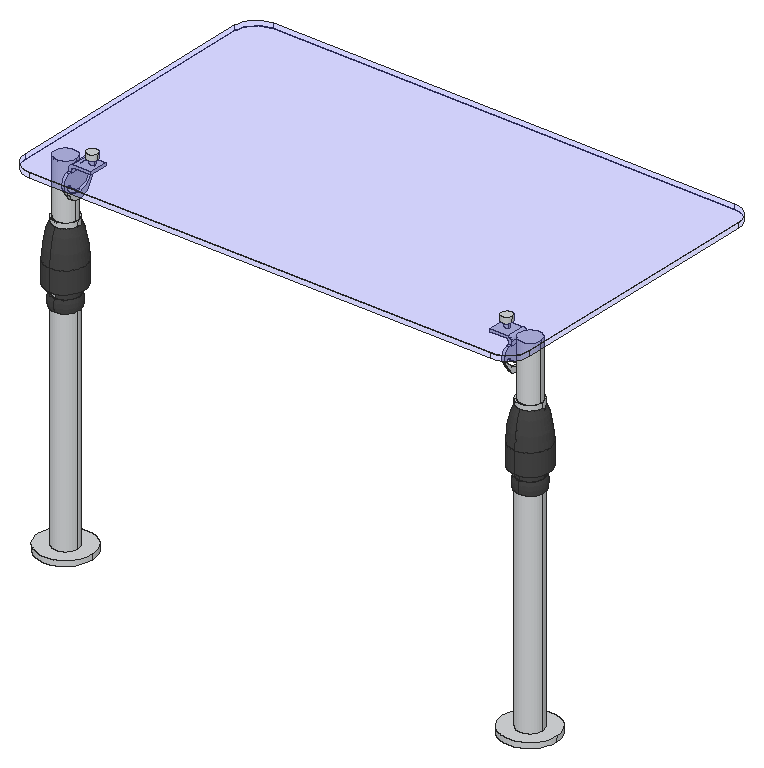
Revit family "QF_Vollrath_MB24", category Specialty Equipment, Revit 2018
Family settings
  Round Connector Dimension = Use Diameter
  Part Type = Normal
  Work Plane-Based = No
  Always vertical = Yes
  Cut with Voids When Loaded = Yes
  Shared = No
  Room Calculation Point = No
Parameters (values of type "MB24MOUNT")
  Weight in Pounds = 0
  Undercounter Visibility [instance] = no
  TM Utilties = "0"
  Serial Number [instance] = ""
  Mounted = yes
  Model = "MB24MOUNT"
  Manufacturer = "Vollrath"
  Legs = no
  Keynote = ""
  Item Number [instance] = ""
  Installed By = "KEC"
  Include In Foodservice Schedule = yes
  Height Constraint = if(Height < 16 1/2", 16 1/2", (if(Height > 25 1/2", 25 1/2", Height)))  # 16 1/2"
  Height = 16 1/2"
  Furnished By = "KEC"
  Flat Glass = yes
  Description = "Mobile Breath Guard"
  Curved Glass = no
  Cost = 0
  CSI MasterFormat = ""
  Above Counter Visibity [instance] = no
Types (4): name | Mounted | Model | Legs | Flat Glass | Curved Glass
  (no name) | yes | "MB24MOUNT" | no | yes | no
  MB24 | no | "MB24" | yes | no | yes
  MB24FLAT | no | "MB24FLAT" | yes | yes | no
  MB24MOUNT | yes | "MB24MOUNT" | no | yes | no
Reference planes (in)
  plane 1 "Unit_Center (F/B)": y = 0
  plane 2: z = 0
  plane 3 "Unit_Center (L/R)": x = 0
  plane 4 "Right": x = 11.75
  plane 5 "Left": x = -11.75
  plane 6 "Base Rear": y = 9
  plane 7 "Base Front": y = -5
  plane 8 "Left Leg": x = -9.92
  plane 9 "Right Leg": x = 9.92
  plane 10 "Front Leg": y = -3.17
  plane 11 "Top of Legs": z = 0.24
  plane 12 "Top of Base Pole": z = 13.94
  plane 13 "Base of Inside Pole": z = 2.5
  plane 14 "Height": z = 16.74
  plane 15 "Bottom of Glass": z = 16.49
  plane 16 "Front of Glass": y = -2.17
  plane 17 "Rear of Glass": y = 12.03
  plane 18 "Top of Screw": z = 16.96973
Forms (in)
  Extrusion 1, solid, material "QF_Finishes-Black", visible <- "Legs"
    sketch origin (0, 0, 0) x (1, 0, 0) y (0, 1, 0)
      loop
        line (-11.75, -5) -> (11.75, -5) -> (11.75, 9) -> (9.92, 9) -> (9.92, -3.17) -> (-9.92, -3.17) -> (-9.92, 9) -> (-11.75, 9) -> (-11.75, -5)
    from 0 to 0.24
  Extrusion 2, solid, material "QF_Finishes-Aluminum"
    sketch origin (0.05429, 0, 0) x (1, 0, 0) y (0, 1, 0)
      loop
        circle (-10.88929, 0) r 0.5
    from 2.5 to 16.49
  Revolve 3, solid, material "QF_Finishes-Black"
    sketch origin (-10.835, 0, 0) x (0, 1, 0) y (0, 0, 1)
      loop
        line (0, 13.94) -> (0, 10.20487) -> (0.64071, 10.20487)
        arc (0.64071, 10.20487) -> (0.67488, 10.48612) -> (0.64071, 10.76737) r 1.17447
        line (0.64071, 10.76737) -> (0.5753, 10.76737) -> (0.5753, 11.14237) -> (0.89071, 11.14237) -> (0.89071, 12.14237)
        arc (0.89071, 12.14237) -> (0.7919, 13.06217) -> (0.5, 13.94) r 4.33075
        line (0.5, 13.94) -> (0, 13.94)
      axis (0, 13.94) -> (0, 10.20487)
    angle from 0 to 360
  Extrusion 4, solid, material "QF_Finishes-Aluminum"
    sketch origin (0, 0, 0) x (1, 0, 0) y (0, 1, 0)
      loop
        circle (-10.835, 0) r 0.5753
    from 0.24 to 13.94
  Extrusion 5, solid, material "QF_Finishes-Aluminum"
    sketch origin (0, 0, 0) x (-1, 0, 0) y (0, -1, 0)
      loop
        circle (-10.835, 0) r 0.5753
    from 0.24 to 13.94
  Extrusion 6, solid, material "QF_Finishes-Aluminum", visible <- "Mounted"
    sketch origin (0, 0, 0) x (1, 0, 0) y (0, 1, 0)
      loop
        circle (-10.835, 0) r 1.25
    from 0 to 0.24
  Extrusion 7, solid, material "QF_Finishes-Aluminum", visible <- "Mounted"
    sketch origin (0, 0, 0) x (-1, 0, 0) y (0, -1, 0)
      loop
        circle (-10.835, 0) r 1.25
    from 0 to 0.24
  Revolve 8, solid, material "QF_Finishes-Black"
    sketch origin (10.835, 0, 0) x (0, 1, 0) y (0, 0, -1)
      loop
        line (0, -13.94) -> (0.5, -13.94)
        arc (0.5, -13.94) -> (0.7919, -13.06217) -> (0.89071, -12.14237) r 4.33075
        line (0.89071, -12.14237) -> (0.89071, -11.14237) -> (0.5753, -11.14237) -> (0.5753, -10.76737) -> (0.64071, -10.76737)
        arc (0.64071, -10.76737) -> (0.67488, -10.48612) -> (0.64071, -10.20487) r 1.17447
        line (0.64071, -10.20487) -> (0, -10.20487) -> (0, -13.94)
      axis (0, -13.94) -> (0, -10.20487)
    angle from 0 to 360
  Extrusion 9, solid, material "QF_Finishes-Aluminum"
    sketch origin (-0.05429, 0, 0) x (-1, 0, 0) y (0, -1, 0)
      loop
        circle (-10.88929, 0) r 0.5
    from 2.5 to 16.49
  Extrusion 10, solid
    sketch origin (0, 0, 0) x (0, 1, 0) y (0, 0, 1)
      loop
        line (0.44044, 15.02645) -> (0.76948, 15.49635)
        arc (0.76948, 15.49635) -> (0.8288, 15.87428) -> (0.56454, 16.15089) r 0.4316
        arc (0.56454, 16.15089) -> (0, 16.25043) -> (-0.56454, 16.15089) r 1.6506
        arc (-0.56454, 16.15089) -> (-0.8288, 15.87428) -> (-0.76948, 15.49635) r 0.4316
        line (-0.76948, 15.49635) -> (-0.44083, 15.027)
        arc (-0.44083, 15.027) -> (-0.00028, 14.89318) -> (0.44044, 15.02645) r 0.79376
      loop
        arc (0.53439, 15.68978) -> (0.00563, 15.33736) -> (-0.52882, 15.68107) r 0.58002
        arc (-0.52882, 15.68107) -> (-0.67596, 15.70858) -> (-0.71292, 15.56353) r 0.10944
        arc (-0.71292, 15.56353) -> (0.00088, 15.14183) -> (0.71468, 15.56353) r 0.81497
        arc (0.71468, 15.56353) -> (0.68122, 15.70761) -> (0.53439, 15.68978) r 0.11069
    from -10.33404 to -10.20554
  Extrusion 11, solid
    sketch origin (0, 0, 0) x (1, 0, 0) y (0, 0, 1)
      loop
        line (-10.33404, 16.13627) -> (-10.20554, 16.13627) -> (-10.20554, 16.29389)
        arc (-10.20554, 16.29389) -> (-10.16528, 16.35704) -> (-10.09454, 16.38161) r 0.11408
        line (-10.09454, 16.38161) -> (-9.31931, 16.38161) -> (-9.31931, 16.49) -> (-10.14333, 16.49)
        arc (-10.14333, 16.49) -> (-10.27818, 16.43414) -> (-10.33404, 16.2993) r 0.1907
        line (-10.33404, 16.2993) -> (-10.33404, 16.13627)
    from -0.44044 to 0.44083
  Extrusion 12, solid
    sketch origin (-0.46094, 0.09375, 0) x (1, 0, 0) y (0, 1, 0)
      loop
        circle (-9.20821, 0.00874) r 0.25
    from 16.74 to 16.96973
  Extrusion 13, solid
    sketch origin (0, 0, 0) x (1, 0, 0) y (0, 1, 0)
      loop
        circle (-9.66915, 0.10249) r 0.11308
    from 16.38161 to 16.74
  Extrusion 14, solid, not visible
    sketch origin (0, 0, 0) x (0, 1, 0) y (0, 0, 1)
      loop
        line (0.44044, 15.02645) -> (0.76948, 15.49635)
        arc (0.76948, 15.49635) -> (0.8288, 15.87428) -> (0.56454, 16.15089) r 0.4316
        arc (0.56454, 16.15089) -> (0, 16.25043) -> (-0.56454, 16.15089) r 1.6506
        arc (-0.56454, 16.15089) -> (-0.8288, 15.87428) -> (-0.76948, 15.49635) r 0.4316
        line (-0.76948, 15.49635) -> (-0.44083, 15.027)
        arc (-0.44083, 15.027) -> (-0.00028, 14.89318) -> (0.44044, 15.02645) r 0.79376
      loop
        arc (0.53439, 15.68978) -> (0.00563, 15.33736) -> (-0.52882, 15.68107) r 0.58002
        arc (-0.52882, 15.68107) -> (-0.67596, 15.70858) -> (-0.71292, 15.56353) r 0.10944
        arc (-0.71292, 15.56353) -> (0.00088, 15.14183) -> (0.71468, 15.56353) r 0.81497
        arc (0.71468, 15.56353) -> (0.68122, 15.70761) -> (0.53439, 15.68978) r 0.11069
    from -10.33404 to -10.20554
  Extrusion 15, solid, not visible
    sketch origin (0, 0, 0) x (1, 0, 0) y (0, 0, 1)
      loop
        line (-10.33404, 16.13627) -> (-10.20554, 16.13627) -> (-10.20554, 16.29389)
        arc (-10.20554, 16.29389) -> (-10.16528, 16.35704) -> (-10.09454, 16.38161) r 0.11408
        line (-10.09454, 16.38161) -> (-9.31931, 16.38161) -> (-9.31931, 16.49) -> (-10.14333, 16.49)
        arc (-10.14333, 16.49) -> (-10.27818, 16.43414) -> (-10.33404, 16.2993) r 0.1907
        line (-10.33404, 16.2993) -> (-10.33404, 16.13627)
    from -0.44044 to 0.44083
  Extrusion 16, solid, not visible
    sketch origin (-0.46094, 0.09375, 0) x (1, 0, 0) y (0, 1, 0)
      loop
        circle (-9.20821, 0.00874) r 0.25
    from 16.74 to 16.96973
  Extrusion 17, solid, not visible
    sketch origin (0, 0, 0) x (1, 0, 0) y (0, 1, 0)
      loop
        circle (-9.66915, 0.10249) r 0.11308
    from 16.38161 to 16.74
  Extrusion 18, solid
    sketch origin (0, 0, 0) x (0, -1, 0) y (0, 0, 1)
      loop
        arc (-0.44044, 15.02645) -> (0.00028, 14.89318) -> (0.44083, 15.027) r 0.79376
        line (0.44083, 15.027) -> (0.76948, 15.49635)
        arc (0.76948, 15.49635) -> (0.8288, 15.87428) -> (0.56454, 16.15089) r 0.4316
        arc (0.56454, 16.15089) -> (0, 16.25043) -> (-0.56454, 16.15089) r 1.6506
        arc (-0.56454, 16.15089) -> (-0.8288, 15.87428) -> (-0.76948, 15.49635) r 0.4316
        line (-0.76948, 15.49635) -> (-0.44044, 15.02645)
      loop
        arc (-0.53439, 15.68978) -> (-0.68122, 15.70761) -> (-0.71468, 15.56353) r 0.11069
        arc (-0.71468, 15.56353) -> (-0.00088, 15.14183) -> (0.71292, 15.56353) r 0.81497
        arc (0.71292, 15.56353) -> (0.67596, 15.70858) -> (0.52882, 15.68107) r 0.10944
        arc (0.52882, 15.68107) -> (-0.00563, 15.33736) -> (-0.53439, 15.68978) r 0.58002
    from -10.33404 to -10.20554
  Extrusion 19, solid
    sketch origin (0, 0, 0) x (-1, 0, 0) y (0, 0, 1)
      loop
        line (-10.33404, 16.13627) -> (-10.20554, 16.13627) -> (-10.20554, 16.29389)
        arc (-10.20554, 16.29389) -> (-10.16528, 16.35704) -> (-10.09454, 16.38161) r 0.11408
        line (-10.09454, 16.38161) -> (-9.31931, 16.38161) -> (-9.31931, 16.49) -> (-10.14333, 16.49)
        arc (-10.14333, 16.49) -> (-10.27818, 16.43414) -> (-10.33404, 16.2993) r 0.1907
        line (-10.33404, 16.2993) -> (-10.33404, 16.13627)
    from -0.44044 to 0.44083
  Extrusion 20, solid
    sketch origin (0.46094, -0.09375, 0) x (-1, 0, 0) y (0, -1, 0)
      loop
        circle (-9.20821, -0.19624) r 0.25
    from 16.74 to 16.96973
  Extrusion 21, solid
    sketch origin (0, 0, 0) x (-1, 0, 0) y (0, -1, 0)
      loop
        circle (-9.66915, -0.10249) r 0.11308
    from 16.38161 to 16.74
Dimensions and locks (in)
  "Height Constraint": plane 14 "Height" to plane 11 "Top of Legs"
  plane 18 "Top of Screw" to plane 14 "Height" to plane 15 "Bottom of Glass" = 0.22973" locked, 1/4" locked
  aligned and locked: plane 2 to level
  aligned and locked: plane 11 "Top of Legs" to Extrusion 1
  aligned and locked: Extrusion 2 to plane 13 "Base of Inside Pole"
  aligned and locked: Extrusion 4 to Extrusion 1
  aligned and locked: plane 12 "Top of Base Pole" to Extrusion 4
  aligned and locked: Extrusion 1 to Extrusion 6
  aligned and locked: plane 11 "Top of Legs" to Extrusion 7
  aligned and locked: Extrusion 7 to plane 2
  aligned and locked: plane 11 "Top of Legs" to Extrusion 6
  aligned and locked: Extrusion 6 to plane 2
  aligned and locked: Extrusion 11 to Extrusion 10  (x2)
  aligned and locked: Extrusion 12 to plane 14 "Height"
  aligned and locked: Extrusion 11 to Extrusion 13  (x2)
  aligned and locked: plane 14 "Height" to Extrusion 13
  aligned and locked: plane 15 "Bottom of Glass" to Extrusion 2
  aligned and locked: plane 15 "Bottom of Glass" to Extrusion 9
  aligned and locked: plane 15 "Bottom of Glass" to Extrusion 11  (x3)
  aligned and locked: plane 14 "Height" to Extrusion 12  (x3)
  aligned and locked: plane 18 "Top of Screw" to Extrusion 12  (x3)
  aligned and locked: Extrusion 21 to Extrusion 19  (x2)
  aligned and locked: plane 18 "Top of Screw" to Extrusion 20
  aligned and locked: Extrusion 12 to plane 18 "Top of Screw"  (x4)
  aligned and locked: Extrusion 20 to plane 14 "Height"
  aligned and locked: plane 15 "Bottom of Glass" to Extrusion 19  (x3)
  aligned and locked: Extrusion 20 to plane 18 "Top of Screw"  (x6)
  aligned and locked: plane 14 "Height" to Extrusion 21
  aligned and locked: plane 14 "Height" to Extrusion 20  (x4)
  aligned and locked: Extrusion 21 to plane 14 "Height"  (x2)
  aligned and locked: Extrusion 15 to Extrusion 17
  aligned and locked: plane 14 "Height" to nested 2
  aligned and locked: nested 2 to plane 15 "Bottom of Glass"
  aligned and locked: plane 14 "Height" to nested 1
  aligned and locked: nested 1 to plane 15 "Bottom of Glass"
Automatic sketch dimensions
  Extrusion 1 sketch curve to plane 5 "Left" = 0"
  Extrusion 1 sketch curve to plane 6 "Base Rear" = 0"  (x2)
  Extrusion 1 sketch curve to plane 8 "Left Leg" = 0"
  Extrusion 1 sketch curve to plane 9 "Right Leg" = 0"
  Extrusion 1 sketch curve to plane 4 "Right" = 0"
  Extrusion 1 sketch curve to plane 7 "Base Front" = 0"
  Extrusion 1 sketch curve to plane 10 "Front Leg" = 0"
  plane 1 "Unit_Center (F/B)" to Extrusion 2 sketch curve = 0"
  plane 5 "Left" to Extrusion 2 sketch curve = 0.915"
  plane 1 "Unit_Center (F/B)" to Extrusion 4 sketch curve = 0"
  plane 5 "Left" to Extrusion 4 sketch curve = 0.915"
  plane 1 "Unit_Center (F/B)" to Extrusion 5 sketch curve = 0"
  Extrusion 5 sketch curve to plane 4 "Right" = 0.915"
  plane 1 "Unit_Center (F/B)" to Extrusion 6 sketch curve = 0"
  plane 5 "Left" to Extrusion 6 sketch curve = 0.915"
  plane 1 "Unit_Center (F/B)" to Extrusion 7 sketch curve = 0"
  Extrusion 7 sketch curve to plane 4 "Right" = 0.915"
  plane 1 "Unit_Center (F/B)" to Extrusion 9 sketch curve = 0"
  Extrusion 9 sketch curve to plane 4 "Right" = 0.915"
  Extrusion 10 sketch curve to Extrusion 10 sketch curve = 0.20014"
  Extrusion 10 sketch curve to Extrusion 10 sketch curve = 0.15241"
  Extrusion 10 sketch curve to Extrusion 10 sketch curve = 0.20081"
  Extrusion 10 sketch curve to Extrusion 10 sketch curve = 0.15174"
  Extrusion 10 sketch curve to Extrusion 10 sketch curve = 0.42662"
  Extrusion 10 sketch curve to Extrusion 10 sketch curve = 0.42717"
  Extrusion 10 sketch curve to Extrusion 10 sketch curve = 0.46991"
  Extrusion 10 sketch curve to Extrusion 10 sketch curve = 0.46936"
  Extrusion 10 sketch curve to Extrusion 10 sketch curve = 0.11999"
  Extrusion 10 sketch curve to Extrusion 10 sketch curve = 0.12059"
  Extrusion 10 sketch curve to Extrusion 10 sketch curve = 0.12837"
  Extrusion 10 sketch curve to Extrusion 10 sketch curve = 0.12898"
  Extrusion 10 sketch curve to Extrusion 10 sketch curve = 0.23042"
  Extrusion 10 sketch curve to Extrusion 10 sketch curve = 0.03943"
  Extrusion 10 sketch curve to Extrusion 10 sketch curve = 0.08824"
  Extrusion 10 sketch curve to Extrusion 10 sketch curve = 0"  (x3)
  Extrusion 10 sketch curve to Extrusion 10 sketch curve = 0.05656"
  Extrusion 10 sketch curve to Extrusion 10 sketch curve = 0.08335"
  Extrusion 11 sketch curve to Extrusion 11 sketch curve = 0.1285"
  Extrusion 11 sketch curve to Extrusion 11 sketch curve = 0.04879"
  Extrusion 11 sketch curve to Extrusion 11 sketch curve = 0.00541"
  Extrusion 11 sketch curve to Extrusion 11 sketch curve = 0.16303"
  Extrusion 10 sketch curve to Extrusion 10 sketch curve = 0.32865"
  Extrusion 10 sketch curve to Extrusion 10 sketch curve = 0.44083"
  Extrusion 10 sketch curve to Extrusion 10 sketch curve = 0.41715"
  Extrusion 10 sketch curve to Extrusion 10 sketch curve = 0.00066"
  Extrusion 10 sketch curve to Extrusion 10 sketch curve = 0.4167"
  Extrusion 10 sketch curve to Extrusion 10 sketch curve = 0.32903"
  Extrusion 11 sketch curve to Extrusion 11 sketch curve = 0.0622"
  Extrusion 11 sketch curve to Extrusion 11 sketch curve = 0.77523"
  Extrusion 11 sketch curve to Extrusion 11 sketch curve = 0.03177"
  Extrusion 14 sketch curve to Extrusion 14 sketch curve = 0.20014"
  Extrusion 14 sketch curve to Extrusion 14 sketch curve = 0.15241"
  Extrusion 14 sketch curve to Extrusion 14 sketch curve = 0.20081"
  Extrusion 14 sketch curve to Extrusion 14 sketch curve = 0.15174"
  Extrusion 14 sketch curve to Extrusion 14 sketch curve = 0.42662"
  Extrusion 14 sketch curve to Extrusion 14 sketch curve = 0.42717"
  Extrusion 14 sketch curve to Extrusion 14 sketch curve = 0.46991"
  Extrusion 14 sketch curve to Extrusion 14 sketch curve = 0.46936"
  Extrusion 14 sketch curve to Extrusion 14 sketch curve = 0.11999"
  Extrusion 14 sketch curve to Extrusion 14 sketch curve = 0.12059"
  Extrusion 14 sketch curve to Extrusion 14 sketch curve = 0.12837"
  Extrusion 14 sketch curve to Extrusion 14 sketch curve = 0.12898"
  Extrusion 14 sketch curve to Extrusion 14 sketch curve = 0.23042"
  Extrusion 14 sketch curve to Extrusion 14 sketch curve = 0.03943"
  Extrusion 14 sketch curve to Extrusion 14 sketch curve = 0.08824"
  Extrusion 14 sketch curve to Extrusion 14 sketch curve = 0"  (x3)
  Extrusion 14 sketch curve to Extrusion 14 sketch curve = 0.05656"
  Extrusion 14 sketch curve to Extrusion 14 sketch curve = 0.08335"
  Extrusion 15 sketch curve to Extrusion 15 sketch curve = 0.1285"
  Extrusion 15 sketch curve to Extrusion 15 sketch curve = 0.04879"
  Extrusion 15 sketch curve to Extrusion 15 sketch curve = 0.00541"
  Extrusion 15 sketch curve to Extrusion 15 sketch curve = 0.16303"
  Extrusion 14 sketch curve to Extrusion 14 sketch curve = 0.32865"
  Extrusion 14 sketch curve to Extrusion 14 sketch curve = 0.44083"
  Extrusion 14 sketch curve to Extrusion 14 sketch curve = 0.41715"
  Extrusion 14 sketch curve to Extrusion 14 sketch curve = 0.00066"
  Extrusion 14 sketch curve to Extrusion 14 sketch curve = 0.4167"
  Extrusion 14 sketch curve to Extrusion 14 sketch curve = 0.32903"
  Extrusion 15 sketch curve to Extrusion 15 sketch curve = 0.0622"
  Extrusion 15 sketch curve to Extrusion 15 sketch curve = 0.77523"
  Extrusion 15 sketch curve to Extrusion 15 sketch curve = 0.03177"
  Extrusion 18 sketch curve to Extrusion 18 sketch curve = 0.20014"
  Extrusion 18 sketch curve to Extrusion 18 sketch curve = 0.15241"
  Extrusion 18 sketch curve to Extrusion 18 sketch curve = 0.20081"
  Extrusion 18 sketch curve to Extrusion 18 sketch curve = 0.15174"
  Extrusion 18 sketch curve to Extrusion 18 sketch curve = 0.42662"
  Extrusion 18 sketch curve to Extrusion 18 sketch curve = 0.42717"
  Extrusion 18 sketch curve to Extrusion 18 sketch curve = 0.46991"
  Extrusion 18 sketch curve to Extrusion 18 sketch curve = 0.46936"
  Extrusion 18 sketch curve to Extrusion 18 sketch curve = 0.11999"
  Extrusion 18 sketch curve to Extrusion 18 sketch curve = 0.12059"
  Extrusion 18 sketch curve to Extrusion 18 sketch curve = 0.12837"
  Extrusion 18 sketch curve to Extrusion 18 sketch curve = 0.12898"
  Extrusion 18 sketch curve to Extrusion 18 sketch curve = 0.23042"
  Extrusion 18 sketch curve to Extrusion 18 sketch curve = 0.03943"
  Extrusion 18 sketch curve to Extrusion 18 sketch curve = 0.08824"
  Extrusion 18 sketch curve to Extrusion 18 sketch curve = 0"  (x3)
  Extrusion 18 sketch curve to Extrusion 18 sketch curve = 0.05656"
  Extrusion 18 sketch curve to Extrusion 18 sketch curve = 0.08335"
  Extrusion 19 sketch curve to Extrusion 19 sketch curve = 0.1285"
  Extrusion 19 sketch curve to Extrusion 19 sketch curve = 0.04879"
  Extrusion 19 sketch curve to Extrusion 19 sketch curve = 0.00541"
  Extrusion 19 sketch curve to Extrusion 19 sketch curve = 0.16303"
  Extrusion 18 sketch curve to Extrusion 18 sketch curve = 0.32865"
  Extrusion 18 sketch curve to Extrusion 18 sketch curve = 0.44083"
  Extrusion 18 sketch curve to Extrusion 18 sketch curve = 0.41715"
  Extrusion 18 sketch curve to Extrusion 18 sketch curve = 0.00066"
  Extrusion 18 sketch curve to Extrusion 18 sketch curve = 0.4167"
  Extrusion 18 sketch curve to Extrusion 18 sketch curve = 0.32903"
  Extrusion 19 sketch curve to Extrusion 19 sketch curve = 0.0622"
  Extrusion 19 sketch curve to Extrusion 19 sketch curve = 0.77523"
  Extrusion 19 sketch curve to Extrusion 19 sketch curve = 0.03177"
  Revolve 3 sketch curve to plane 1 "Unit_Center (F/B)" = 0"  (x2)
  Revolve 3 sketch curve to plane 12 "Top of Base Pole" = 0"
  plane 1 "Unit_Center (F/B)" to Revolve 3 sketch curve = 0.49959"
  Revolve 3 sketch curve to plane 10 "Front Leg" = 0.27004"
  Revolve 3 sketch curve to Revolve 3 sketch curve = 1/2"
  Revolve 3 sketch curve to plane 1 "Unit_Center (F/B)" = 0.5753"
  Revolve 3 sketch curve to Revolve 3 sketch curve = 0.06541"  (x2)
  Revolve 3 sketch curve to plane 1 "Unit_Center (F/B)" = 0.89071"
  Revolve 3 sketch curve to Revolve 3 sketch curve = 1"
  Revolve 3 sketch curve to Revolve 3 sketch curve = 3/8"
  Revolve 3 sketch curve to Revolve 3 sketch curve = 9/32"
  Revolve 3 sketch curve to level = 24"
  plane 18 "Top of Screw" to Revolve 3 sketch curve = 66.54613"
  Revolve 8 sketch curve to plane 1 "Unit_Center (F/B)" = 0"  (x2)
  Revolve 8 sketch curve to plane 12 "Top of Base Pole" = 0"
  plane 1 "Unit_Center (F/B)" to Revolve 8 sketch curve = 0.49959"
  Revolve 8 sketch curve to plane 10 "Front Leg" = 0.27004"
  Revolve 8 sketch curve to Revolve 8 sketch curve = 1/2"
  Revolve 8 sketch curve to plane 1 "Unit_Center (F/B)" = 0.5753"
  Revolve 8 sketch curve to Revolve 8 sketch curve = 0.06541"  (x2)
  Revolve 8 sketch curve to plane 1 "Unit_Center (F/B)" = 0.89071"
  Revolve 8 sketch curve to Revolve 8 sketch curve = 1"
  Revolve 8 sketch curve to Revolve 8 sketch curve = 3/8"
  Revolve 8 sketch curve to Revolve 8 sketch curve = 9/32"
  plane 18 "Top of Screw" to Revolve 8 sketch curve = 66.54613"
  Revolve 8 sketch curve to level = 24"
  radius of Extrusion 2 sketch curve = 1/2"
  radius of Extrusion 4 sketch curve = 0.5753"
  radius of Extrusion 5 sketch curve = 0.5753"
  radius of Extrusion 6 sketch curve = 1 1/4"
  radius of Extrusion 7 sketch curve = 1 1/4"
  radius of Extrusion 9 sketch curve = 1/2"
  radius of Extrusion 12 sketch curve = 1/4"
  radius of Extrusion 13 sketch curve = 0.11308"
  radius of Extrusion 16 sketch curve = 1/4"
  radius of Extrusion 17 sketch curve = 0.11308"
  radius of Extrusion 20 sketch curve = 1/4"
  radius of Extrusion 21 sketch curve = 0.11308"
Nested families (in)
  nested 1: "Flat Glass 24" at (0, 4.93, 0), visible <- "Flat Glass", type "Flat Glass 24"
    with Undercounter Visibility no, Serial Number "", Item Number "", Above Counter Visibity no
  nested 2: "Curved Glass 24" at (0, 4.93, 0), visible <- "Curved Glass", type "Curved Glass 24"
    with Undercounter Visibility no, Serial Number "", Item Number "", Above Counter Visibity no
Definition of nested family "Flat Glass 24"
  Parameters (values of type "Flat Glass 24")
    Weight in Pounds = 0
    Undercounter Visibility [instance] = no
    TM Utilties = "0"
    Serial Number [instance] = ""
    Model = ""
    Manufacturer = ""
    Keynote = ""
    Item Number [instance] = ""
    Installed By = "KEC"
    Include In Foodservice Schedule = yes
    Furnished By = "KEC"
    Flat Glass = yes
    Description = ""
    Default Elevation = 48"
    Cost = 0
    CSI MasterFormat = ""
    Above Counter Visibity [instance] = no
  Reference planes (in)
    plane 1 "Unit_Center (F/B)": y = 0
    plane 2: z = 0
    plane 3 "Unit_Center (L/R)": x = 0
  Forms (in)
    Extrusion 1, solid, visible <- "Flat Glass"
      sketch origin (0, -4.93, 0) x (1, 0, 0) y (0, 1, 0)
        loop
          arc (-10.75, 12.03) -> (-11.45711, 11.73711) -> (-11.75, 11.03) r 1
          line (-11.75, 11.03) -> (-11.75, -1.17)
          arc (-11.75, -1.17) -> (-11.45711, -1.87711) -> (-10.75, -2.17) r 1
          line (-10.75, -2.17) -> (10.75, -2.17)
          arc (10.75, -2.17) -> (11.45711, -1.87711) -> (11.75, -1.17) r 1
          line (11.75, -1.17) -> (11.75, 11.03)
          arc (11.75, 11.03) -> (11.45711, 11.73711) -> (10.75, 12.03) r 1
          line (10.75, 12.03) -> (-10.75, 12.03)
      from 16.49 to 16.74
  Lines and regions (in)
    symbolic lines
      curve 1: line (-11.75, 6.1, 0) -> (-11.75, -6.1, 0)
      curve 2: arc (-10.75, 7.1, 0) -> (-11.45711, 6.80711, 0) -> (-11.75, 6.1, 0) r 1
      curve 3: line (10.75, 7.1, 0) -> (-10.75, 7.1, 0)
      curve 4: arc (11.75, 6.1, 0) -> (11.45711, 6.80711, 0) -> (10.75, 7.1, 0) r 1
      curve 5: line (11.75, -6.1, 0) -> (11.75, 6.1, 0)
      curve 6: arc (10.75, -7.1, 0) -> (11.45711, -6.80711, 0) -> (11.75, -6.1, 0) r 1
      curve 7: line (-10.75, -7.1, 0) -> (10.75, -7.1, 0)
      curve 8: arc (-11.75, -6.1, 0) -> (-11.45711, -6.80711, 0) -> (-10.75, -7.1, 0) r 1
  Dimensions and locks (in)
    aligned and locked: plane 2 to level
Definition of nested family "Curved Glass 24"
  Parameters (values of type "Curved Glass 24")
    Weight in Pounds = 0
    Undercounter Visibility [instance] = no
    TM Utilties = "0"
    Serial Number [instance] = ""
    Model = ""
    Manufacturer = ""
    Keynote = ""
    Item Number [instance] = ""
    Installed By = "KEC"
    Include In Foodservice Schedule = yes
    Furnished By = "KEC"
    Flat Glass = yes
    Description = ""
    Default Elevation = 48"
    Cost = 0
    CSI MasterFormat = ""
    Above Counter Visibity [instance] = no
  Reference planes (in)
    plane 1 "Unit_Center (F/B)": y = 0
    plane 2: z = 0
    plane 3 "Unit_Center (L/R)": x = 0
    plane 4 "Rear": y = 6.86
    plane 5 "Front": y = -6.6
  Forms (in)
    Extrusion 1, solid, visible <- "Flat Glass"
      sketch origin (0, -4.93, 0) x (1, 0, 0) y (0, 1, 0)
        loop
          line (-11.75, 10.68) -> (-11.75, -0.69457) -> (11.75, -0.69457) -> (11.75, 10.68) -> (-11.75, 10.68)
      from 16.49 to 16.74
    Extrusion 2, solid
      sketch origin (0, -11.12561, 11.61792) x (1, 0, 0) y (0, 0.576549, -0.817062)
        loop
          line (11.75, 5.54378) -> (11.75, 6.86984)
          arc (11.75, 6.86984) -> (11.57134, 7.30117) -> (11.14, 7.47984) r 0.61
          line (11.14, 7.47984) -> (-11.14, 7.47984)
          arc (-11.14, 7.47984) -> (-11.57134, 7.30117) -> (-11.75, 6.86984) r 0.61
          line (-11.75, 6.86984) -> (-11.75, 5.54378) -> (11.75, 5.54378)
      from 16.49 to 16.74
    Extrusion 3, solid
      sketch origin (0, 6.71567, 4.14167) x (1, 0, 0) y (0, 0.898171, 0.439647)
        loop
          line (11.75, -5.54378) -> (-11.75, -5.54378) -> (-11.75, -6.10782)
          arc (-11.75, -6.10782) -> (-11.57134, -6.53916) -> (-11.14, -6.71782) r 0.61
          line (-11.14, -6.71782) -> (11.14, -6.71782)
          arc (11.14, -6.71782) -> (11.57134, -6.53916) -> (11.75, -6.10782) r 0.61
          line (11.75, -6.10782) -> (11.75, -5.54378)
      from 16.49 to 16.74
  Lines and regions (in)
    symbolic lines
      curve 1: line (11.14, 6.86451, 0) -> (-11.14, 6.86451, 0)
      curve 2: spline (-11.14, 6.86451, 0) -> (-11.21962, 6.8615, 0) -> (-11.29788, 6.85253, 0) -> (-11.37344, 6.83774, 0) -> (-11.445, 6.81739, 0) -> (-11.51134, 6.79183, 0) -> (-11.57134, 6.7615, 0) -> (-11.62395, 6.72691, 0) -> (-11.66828, 6.68866, 0) -> (-11.70357, 6.6474, 0) -> (-11.72921, 6.60384, 0) -> (-11.74478, 6.55872, 0) -> (-11.75, 6.51281, 0)
      curve 3: line (-11.75, 6.51281, 0) -> (-11.75, 5.54401, 0)
      curve 4: line (-11.75, 5.75, 0) -> (-11.75, -5.62457, 0)
      curve 5: line (11.75, -5.62457, 0) -> (11.75, 5.75, 0)
      curve 6: line (11.75, 5.54401, 0) -> (11.75, 6.51281, 0)
      curve 7: spline (11.75, 6.51281, 0) -> (11.74478, 6.55872, 0) -> (11.72921, 6.60384, 0) -> (11.70357, 6.6474, 0) -> (11.66828, 6.68866, 0) -> (11.62395, 6.72691, 0) -> (11.57134, 6.7615, 0) -> (11.51134, 6.79183, 0) -> (11.445, 6.81739, 0) -> (11.37344, 6.83774, 0) -> (11.29788, 6.85253, 0) -> (11.21962, 6.8615, 0) -> (11.14, 6.86451, 0)
      curve 8: line (-11.14, -6.67777, 0) -> (11.14, -6.67777, 0)
      curve 9: spline (11.14, -6.67777, 0) -> (11.21962, -6.67308, 0) -> (11.29788, -6.6591, 0) -> (11.37344, -6.63606, 0) -> (11.445, -6.60437, 0) -> (11.51134, -6.56455, 0) -> (11.57134, -6.5173, 0) -> (11.62395, -6.46341, 0) -> (11.66828, -6.40383, 0) -> (11.70357, -6.33955, 0) -> (11.72921, -6.27169, 0) -> (11.74478, -6.2014, 0) -> (11.75, -6.12988, 0)
      curve 10: line (11.75, -6.12988, 0) -> (11.75, -5.51336, 0)
      curve 11: line (11.75, -5.62457, 0) -> (11.75, 5.75, 0)
      curve 12: spline (-11.75, -6.12988, 0) -> (-11.74478, -6.2014, 0) -> (-11.72921, -6.27169, 0) -> (-11.70357, -6.33955, 0) -> (-11.66828, -6.40383, 0) -> (-11.62395, -6.46341, 0) -> (-11.57134, -6.5173, 0) -> (-11.51134, -6.56455, 0) -> (-11.445, -6.60437, 0) -> (-11.37344, -6.63606, 0) -> (-11.29788, -6.6591, 0) -> (-11.21962, -6.67308, 0) -> (-11.14, -6.67777, 0)
      curve 13: line (-11.75, -5.51336, 0) -> (-11.75, -6.12988, 0)
      curve 14: line (-11.75, 5.75, 0) -> (-11.75, -5.62457, 0)
  Dimensions and locks (in)
    aligned and locked: plane 2 to level
